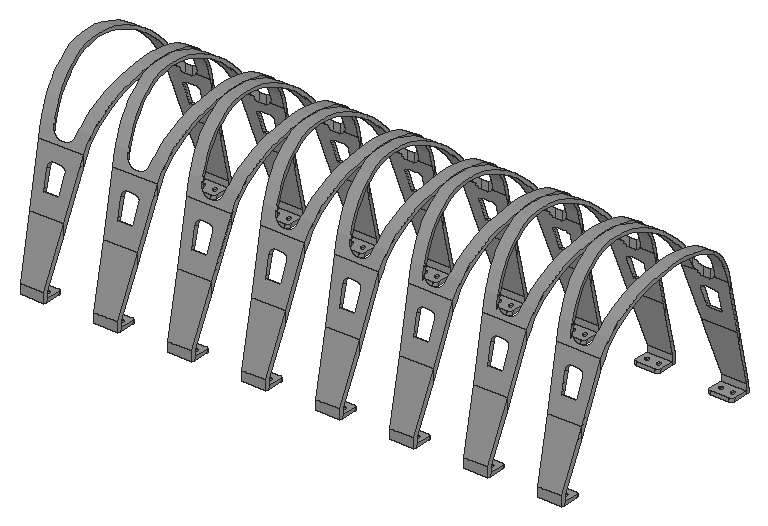
Revit family "Велопарковка «Техно»", category Антураж, Revit 2017
Family settings
  На основе рабочей плоскости = Нет
  Всегда вертикально = Да
  При загрузке вырезать с полостями = Нет
  Источник визуального образа = Геометрия семейства
  Общий = Нет
  Точка расчета площади = Нет
Parameters (values of type "Велопарковка «Техно»")
  Стоимость = 27000
  Изготовитель = "ООО \"Хоббика\""
  Высота = 0 mm
  URL = "https://hobbyka.ru/product/veloparkovka_tekhno/?sphrase_id=68935"
  ADSK_Размер_Ширина = 790 mm
  ADSK_Размер_Длина = 2000 mm
  ADSK_Размер_Высота = 603 mm
  ADSK_Наименование = "Велопарковка «Техно»"
  ADSK_Материал велопарковки = Сталь, хромированная
  ADSK_Код изделия = "9903"
Reference planes
  plane 1 "По центру (Вперед/Назад)": y = 0
  plane 2: z = 0
  plane 3 "По центру (Влево/Вправо)": x = 0
Dimensions and locks
  equal spacing: group 1, group 3, group 4, group 5, group 6, group 7, group 8, group 2  (x3)
  aligned and locked: level to plane 2
Nested families
  nested 1: "Семейство8" at (-874.917, 0, 0), Материал <- "ADSK_Материал велопарковки", type "Семейство8"
    with Материал Сталь, хромированная
  nested 2: "Семейство8" at (875.186, 0, 0), Материал <- "ADSK_Материал велопарковки", type "Семейство8"
    with Материал Сталь, хромированная
  nested 3: "Семейство8" at (-624.902, 0, 0), Материал <- "ADSK_Материал велопарковки", type "Семейство8"
    with Материал Сталь, хромированная
  nested 4: "Семейство8" at (-374.887, 0, 0), Материал <- "ADSK_Материал велопарковки", type "Семейство8"
    with Материал Сталь, хромированная
  nested 5: "Семейство8" at (-124.873, 0, 0), Материал <- "ADSK_Материал велопарковки", type "Семейство8"
    with Материал Сталь, хромированная
  nested 6: "Семейство8" at (125.142, 0, 0), Материал <- "ADSK_Материал велопарковки", type "Семейство8"
    with Материал Сталь, хромированная
  nested 7: "Семейство8" at (375.157, 0, 0), Материал <- "ADSK_Материал велопарковки", type "Семейство8"
    with Материал Сталь, хромированная
  nested 8: "Семейство8" at (625.171, 0, 0), Материал <- "ADSK_Материал велопарковки", type "Семейство8"
    with Материал Сталь, хромированная
Definition of nested family "Семейство8"
  Parameters (values of type "Семейство8")
    Материал [instance] = none
    Height = 0 mm
  Reference planes
    plane 1 "По центру (Вперед/Назад)": y = 0
    plane 2: z = 0
    plane 3 "По центру (Влево/Вправо)": x = 0
    plane 4 "1": through (0, -332.622, 219.812) normal (0, 0.9504, -0.311)
  Forms (mm)
    Extrusion 1, solid, material <- "Материал"
      sketch origin (0, 0, 0) x (0, 1, 0) y (0, 0, 1)
        loop
          line (383.884, 30.777) -> (383.884, 0) -> (393.954, 0) -> (393.954, 32.361) -> (332.622, 219.812) -> (271.29, 407.263)
          arc (271.29, 407.263) -> (0, 603.942) -> (-271.29, 407.263) r 285.442
          line (-271.29, 407.263) -> (-332.622, 219.812) -> (-393.954, 32.361) -> (-393.954, 0) -> (-383.884, 0) -> (-383.884, 30.777) -> (-322.888, 217.203) -> (-261.891, 403.629)
          arc (-261.891, 403.629) -> (0, 593.494) -> (261.891, 403.629) r 275.553
          line (261.891, 403.629) -> (322.888, 217.203) -> (383.884, 30.777)
      from -125 to 125
    Extrusion 2, void
      sketch origin (0, 0, 0) x (1, 0, 0) y (0, 1, 0)
        loop
          line (-57.5, 332.622) -> (-40, 393.954) -> (-40, 553.954) -> (-240, 553.954) -> (-240, -506.046) -> (-40, -506.046) -> (-40, -393.954) -> (-57.5, -332.622) -> (-75, -271.29)
          arc (-75, -271.29) -> (-125, 0) -> (-75, 271.29) r 760.983
          line (-75, 271.29) -> (-57.5, 332.622)
        loop
          line (57.5, 332.622) -> (75, 271.29)
          arc (75, 271.29) -> (125, 0) -> (75, -271.29) r 760.983
          line (75, -271.29) -> (57.5, -332.622) -> (40, -393.954) -> (40, -506.046) -> (240, -506.046) -> (240, 553.954) -> (40, 553.954) -> (40, 393.954) -> (57.5, 332.622)
      from 0 to 630.418
    Extrusion 3, void
      sketch origin (0, 0, 0) x (1, 0, 0) y (0, 1, 0)
        loop
          arc (-37.628, 257.03) -> (-85, 0) -> (-37.628, -257.03) r 720.983
          arc (-37.628, -257.03) -> (-25.32, -263.873) -> (-11.439, -266.243) r 41.828
          line (-11.439, -266.243) -> (11.439, -266.243)
          arc (11.439, -266.243) -> (25.32, -263.873) -> (37.628, -257.03) r 41.828
          arc (37.628, -257.03) -> (85, 0) -> (37.628, 257.03) r 720.983
          arc (37.628, 257.03) -> (25.32, 263.873) -> (11.439, 266.243) r 41.828
          line (11.439, 266.243) -> (-11.439, 266.243)
          arc (-11.439, 266.243) -> (-25.32, 263.873) -> (-37.628, 257.03) r 41.828
      from 261.735 to 629.17
    Extrusion 4, void
      sketch origin (0, -365.423, 119.562) x (0, -0.310967, -0.950421) y (-1, 0, 0)
        loop
          line (-167.254, -26) -> (-167.254, 26) -> (-234.77, 30.11)
          arc (-234.77, 30.11) -> (-248.831, 25.305) -> (-255.448, 12) r 19.54
          line (-255.448, 12) -> (-255.448, -12)
          arc (-255.448, -12) -> (-248.831, -25.305) -> (-234.77, -30.11) r 19.54
          line (-234.77, -30.11) -> (-167.254, -26)
      from -46.393 to 53.991
    Extrusion 5, void
      sketch origin (0, 365.423, 119.562) x (0, 0.310967, -0.950421) y (1, 0, 0)
        loop
          line (-167.254, 26) -> (-234.77, 30.11)
          arc (-234.77, 30.11) -> (-248.831, 25.305) -> (-255.448, 12) r 19.54
          line (-255.448, 12) -> (-255.448, -12)
          arc (-255.448, -12) -> (-248.831, -25.305) -> (-234.77, -30.11) r 19.54
          line (-234.77, -30.11) -> (-167.254, -26) -> (-167.254, 26)
      from -46.393 to 53.991
    Extrusion 6, solid, material <- "Материал"
      sketch origin (0, 0, 0) x (1, 0, 0) y (0, 1, 0)
        loop
          arc (-42.873, 333.465) -> (-38.154, 326.259) -> (-30.005, 323.465) r 13.279
          line (-30.005, 323.465) -> (30.005, 323.465)
          arc (30.005, 323.465) -> (38.154, 326.259) -> (42.873, 333.465) r 13.279
          line (42.873, 333.465) -> (42.873, 383.884) -> (-42.873, 383.884) -> (-42.873, 333.465)
      from 0 to 10
    Extrusion 7, solid, material <- "Материал"
      sketch origin (0, 0, 0) x (1, 0, 0) y (0, 1, 0)
        loop
          circle (20, 353.675) r 5
        loop
          circle (-20, 353.675) r 5
      from 10 to 11
    Extrusion 8, solid, material <- "Материал"
      sketch origin (0, 0, 0) x (1, 0, 0) y (0, 1, 0)
        loop
          line (-42.873, -333.465) -> (-42.873, -383.884) -> (42.873, -383.884) -> (42.873, -333.465)
          arc (42.873, -333.465) -> (38.154, -326.259) -> (30.005, -323.465) r 13.279
          line (30.005, -323.465) -> (-30.005, -323.465)
          arc (-30.005, -323.465) -> (-38.154, -326.259) -> (-42.873, -333.465) r 13.279
      from 0 to 10
    Extrusion 9, solid, material <- "Материал"
      sketch origin (0, 0, 0) x (1, 0, 0) y (0, 1, 0)
        loop
          circle (20, -353.675) r 5
        loop
          circle (-20, -353.675) r 5
      from 10 to 11
  Cuts and joins
    Extrusion 2, Extrusion 3, Extrusion 4, Extrusion 5 cuts Extrusion 1
  Dimensions and locks
    aligned and locked: level to plane 2
